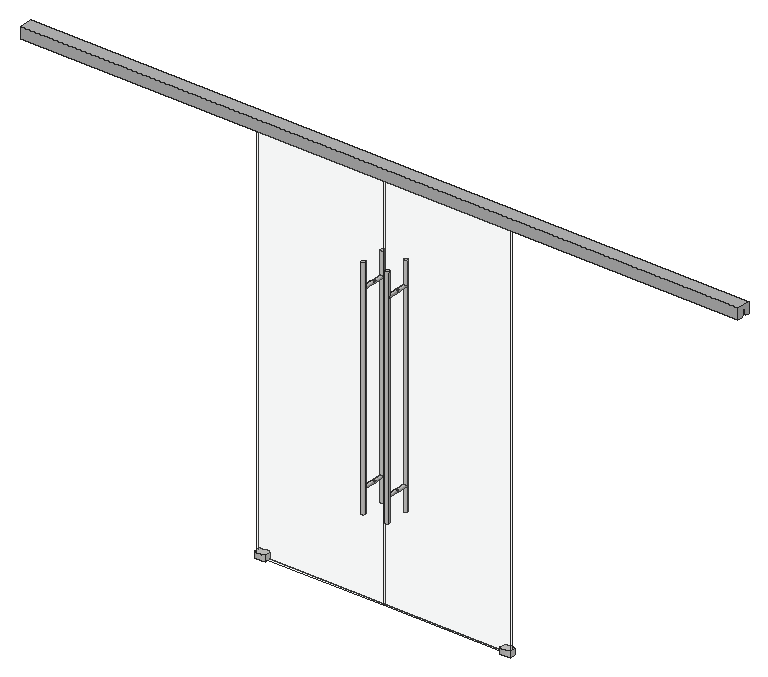
Revit family "Doors_Sliding_Avanti_Systems_Polaris-Auto-Magnetic-Slider_Pair-Soffit-Mount-Sgl-Glazed", category Doors, Revit 2015
Parameters (values of type "Load Family Type Catalog")
  Youtube clip = ""
  Weight Net (Kg) = "0"
  Warranty = "1 year"  # constant formula
  Uniformat II Description = "Interior Doors"
  Uniformat II Code = "C1020"
  Uniclass 2015 Name = "Sliding door and partition sets"
  Uniclass 2015 Code = "Pr_30_59_24_80"
  Uniclass 2.0 Description = "Sliding Door And Partition Sets"
  Uniclass 2.0 Code = "PR-59-23-77"
  Uniclass 1.4 Description = "Doors"
  Uniclass 1.4 Code = "JL20"
  URL = "https://www.avantisystemsusa.com/"
  UNSPSC Code = "30171501"
  Type Comments = ""
  Type = 1
  Thickness = if(Type = 1, 1/2", if(Type = 2, 3/8", if(Type = 3, 7/16", if(Type = 4, 9/16", 3/4"))))  # 1/2"
  Technical description = ""
  Stainless Steel Finish = "Yes"  # constant formula
  Sound Rating = 0
  Region South America = "All"
  Region Oceania = "All"
  Region North America = "All"
  Region Middle East = "All"
  Region Europe = "All"
  Region Asia = "All"
  Region Antarctica = "All"
  Region Africa = "All"
  Rail material [instance] = Polyester powder - Avanti - White aluminium METALLIC - RAL9006
  Rail Length [instance] = 3 * (Opening Width)  # 153"
  QR code = "http://bimobject.com/avantisystems/product/avanti-polaris-auto-magnetic-slider"
  Product url = "https://www.avantisystemsusa.com/glass-products/doors/sliding-doors/automatic-doors/"
  Product group = "Automatic Doors"
  Product family = "Sliding Doors"
  Product data url = "https://bimobject.com/avantisystems/product/avanti-polaris-auto-magnetic-slider"
  Product certification = ""
  Product SKU = "avanti-polaris-auto-magnetic-slider"
  Product Guid = "5e847812-9909-4e74-9d64-870bde1c5a5f"
  Power = 110 V  # constant formula
  Opening Width [instance] = 51"
  OmniClass Description = "Sliding All Glass Doors"
  OmniClass Code = "23-17 11 23 13"
  Nominal width = 0"
  Nominal height = 0"
  NBS Reference Description = "Sliding Door And Partition Sets"
  NBS Reference Code = "59-23-77"
  Model = "Polaris™  Auto Magnetic Slider"  # constant formula
  Material secondary = "Aluminium"
  Material main = "Glass"
  Masterformat 2014 Description = "Sliding Aluminum-Framed Glass Doors"
  Masterformat 2014 Code = "08 32 13"
  Manufacturer name = "Avanti Systems"
  Manufacturer country = ""
  Manufacturer = "Avanti Systems USA"  # constant formula
  Lock = "Thumb turn floor lock with a key"
  Ladder Pull Height [instance] = 18"
  LEED compatibility = "LEED 2009 (v3): MRc3, MRc4, MRc5, MRc7, EQc4.2, EQc8.1 and EQc8.2. LEED v4: MRc1, MRc3, MRc4, MRc8, EQc2, EQc7 and EQc8."  # constant formula
  Installation instructions = ""
  IFC Classification = "Door"
  Hardware material [instance] = Stainless Steel - Avanti- Brushed Finish
  Handle type [instance] = Handle : 48" Ladder Pull
  Half_width [instance] = (Opening Width / 2) + 1 1/2"  # 27"
  Glazing = "Safety Glazing SGCC"
  Glass Width [instance] = 54"
  Glass Material = Glass - Avanti -  Clear Tempered
  Glass Marker = yes
  Glass Height [instance] = 83.39495"
  Gap Thickness = if(Type = 1, (1 1/4"), if(Type = 2, (1 39/128"), if(Type = 3, (1 35/128"), if(Type = 4, (1 27/128"), (1 15/128")))))  # 1 1/4"
  Function = Interior
  Edition number = 1
  EAN code = ""
  Design country = "United States"
  Description = "The newset innovation in modern interior office entryway design."  # constant formula
  Date of publishing = ""
  Clear Anodic Finish = "ASTM B221 (ASTM B221M)"  # constant formula
  COBIe Type Category = ""
  Brand url = "http://www.avantisystemsusa.com/"
  BIMobject main category code = "doors"
  BIMobject main category = "Doors"
  BIMobject category code = "doors-sliding"
  BIMobject category = "Sliding"
  Analytic Construction = "<None>"
Reference planes (in)
  plane 1 "Center (Front/Back)": y = 0
  plane 2: z = 0
  plane 3 "Center (Left/Right)": x = 7.06181
  plane 4: x = -18.43819
  plane 5: x = 32.56181
  plane 6 "Top": z = 84
  plane 7 "Curtain_wall_center": y = 0
  plane 8 "Curtain_wall_exterior": y = 0.25
  plane 9 "Curtain_wall_interior": y = -0.25
  plane 10 "Doors_exterior": y = 2
  plane 11 "Doors_center": y = 1.75
  plane 12 "Doors_interior": y = 1.5
  plane 13 "Door_offset_left": x = -19.93819
  plane 14 "Door_offset_top": z = 83.54686
  plane 15 "Handle_placement_top": z = 18
  plane 16 "Handle_placement_level": x = 4.56181
  plane 17: x = -17.95536
  plane 18: z = 0.15191
  plane 19: x = 34.06181
  plane 20: x = 9.56181
  plane 21: x = 32.07898
  plane 22: x = 6.72127
  plane 23: x = 83.56181
  plane 24: x = -69.43819
  plane 25: z = 41.77343
  plane 26: x = 20.56181
  plane 27: x = -6.43819
  plane 28: z = 84.55078
  plane 29: y = 0.49855
Forms (in)
  Extrusion 1, solid, material "Stainless Steel - Avanti- Brushed Finish" <- "Hardware material"
    sketch origin (0, 0, 0) x (1, 0, 0) y (0, 1, 0)
      loop
        arc (-20.20122, 1.23406) -> (-19.07829, 1.03173) -> (-17.95536, 1.23406) r 3.2173
        line (-17.95536, 1.23406) -> (-17.95536, 2.42184)
        arc (-17.95536, 2.42184) -> (-19.07852, 2.67147) -> (-20.20122, 2.41977) r 2.64063
        line (-20.20122, 2.41977) -> (-20.20122, 1.23406)
    from 0 to 1.21575
  Extrusion 2, solid, material "Stainless Steel - Avanti- Brushed Finish" <- "Hardware material"
    sketch origin (6.49788, 0, 0) x (-1, 0, 0) y (0, -1, 0)
      loop
        line (-27.82696, -1.23406) -> (-27.82696, -2.43621)
        arc (-27.82696, -2.43621) -> (-26.70362, -2.68506) -> (-25.5811, -2.43258) r 2.64063
        line (-25.5811, -2.43258) -> (-25.5811, -1.23406)
        arc (-25.5811, -1.23406) -> (-26.70403, -1.03173) -> (-27.82696, -1.23406) r 3.2173
    from 0 to 1.21575
  Extrusion 3, solid, material "Glass - Avanti -  Clear Tempered" <- "Glass Material"
    sketch origin (0, 0, 0) x (1, 0, 0) y (0, 0, 1)
      loop
        line (34.06181, 83.54686) -> (7.06181, 83.54686) -> (7.06181, 0.15191) -> (34.06181, 0.15191) -> (34.06181, 83.54686)
    from -2 to -1.5
  Extrusion 4, solid, material "Glass - Avanti -  Clear Tempered" <- "Glass Material"
    sketch origin (0, 0, 0) x (1, 0, 0) y (0, 0, 1)
      loop
        line (7.06181, 83.54686) -> (-19.93819, 83.54686) -> (-19.93819, 0.15191) -> (7.06181, 0.15191) -> (7.06181, 83.54686)
    from -2 to -1.5
  Sweep 5, solid, material "Polyester powder - Avanti - White aluminium METALLIC - RAL9006" <- "Rail material"
    path origin (0, 0, 12.28232) x (1, 0, 0) y (0, 0, 1)
      loop
        line (83.56181, 71.26453) -> (-69.43819, 71.26453)
    profile origin (7.06181, 0, 83.54686) x (0, 0, -1) y (0, -1, 0)
      loop
        line (1.35828, -3.01227) -> (1.35828, -2.42172) -> (0.96064, -2.42172) -> (0.96064, -2) -> (0, -2) -> (0, -1.5) -> (1.00001, -1.5) -> (1.00001, -1.22486) -> (1.35828, -1.22486) -> (1.35828, -0.25636) -> (-1.00393, -0.25636) -> (-1.00393, -3.01227) -> (1.35828, -3.01227)
Lines and regions (in)
  symbolic lines, style "0"
    curve 1: line (-20.20122, 1.23406, 0) -> (-20.20122, 2.4925, 0)
    curve 2: line (-17.95536, 1.23406, 0) -> (-17.95536, 2.4925, 0)
    curve 3: circle (-19.93819, 1.75, 0) r 0.22256 normal (0, 0, 1)
    curve 4: circle (-19.93819, 1.75, 0) r 0.13151 normal (0, 0, 1)
    curve 5: circle (-18.21838, 1.75, 0) r 0.22256 normal (0, 0, 1)
    curve 6: circle (-18.21838, 1.75, 0) r 0.13151 normal (0, 0, 1)
    curve 7: arc (-18.61337, 1.37569, 0) -> (-18.48141, 1.75, 0) -> (-18.61337, 2.12431, 0) r 0.59687
    curve 8: arc (-19.5432, 2.12431, 0) -> (-19.67516, 1.75, 0) -> (-19.5432, 1.37569, 0) r 0.59687
    curve 9: arc (-17.95536, 2.4925, 0) -> (-19.07829, 2.6815, 0) -> (-20.20122, 2.4925, 0) r 3.43052
    curve 10: line (-17.95536, 2.12431, 0) -> (-20.20122, 2.12431, 0)
    curve 11: line (-17.95536, 1.37569, 0) -> (-20.20122, 1.37569, 0)
    curve 23: arc (-17.95536, 1.23406, 0) -> (-19.07829, 1.03173, 0) -> (-20.20122, 1.23406, 0) r 3.2173
    curve 37: line (-17.95536, 1.5, 0) -> (32.07898, 1.5, 0)
    curve 38: line (32.07898, 1.5, 0) -> (32.07898, 2, 0)
    curve 39: line (-17.95536, 2, 0) -> (32.07898, 2, 0)
    curve 40: line (7.06181, 2, 83.54686) -> (7.06181, 1.5, 83.54686)
    curve 41: line (7.06181, 2, 0.15191) -> (7.06181, 2, 83.54686)
    curve 42: line (7.06181, 1.5, 0.15191) -> (7.06181, 2, 0.15191)
    curve 43: line (7.06181, 1.5, 83.54686) -> (7.06181, 1.5, 0.15191)
    curve 44: line (34.32484, 1.23406, 0) -> (34.32484, 2.4925, 0)
    curve 45: line (32.07898, 1.23406, 0) -> (32.07898, 2.4925, 0)
    curve 46: circle (34.06181, 1.75, 0) r 0.22256 normal (0, 0, -1)
    curve 47: circle (34.06181, 1.75, 0) r 0.13151 normal (0, 0, -1)
    curve 48: circle (32.34201, 1.75, 0) r 0.22256 normal (0, 0, -1)
    curve 49: circle (32.34201, 1.75, 0) r 0.13151 normal (0, 0, -1)
    curve 50: arc (32.73699, 1.37569, 0) -> (32.60504, 1.75, 0) -> (32.73699, 2.12431, 0) r 0.59687
    curve 51: arc (33.66683, 2.12431, 0) -> (33.79878, 1.75, 0) -> (33.66683, 1.37569, 0) r 0.59687
    curve 52: arc (32.07898, 2.4925, 0) -> (33.20191, 2.6815, 0) -> (34.32484, 2.4925, 0) r 3.43052
    curve 53: line (32.07898, 2.12431, 0) -> (34.32484, 2.12431, 0)
    curve 54: line (32.07898, 1.37569, 0) -> (34.32484, 1.37569, 0)
    curve 55: arc (32.07898, 1.23406, 0) -> (33.20191, 1.03173, 0) -> (34.32484, 1.23406, 0) r 3.2173
    curve 62: line (7.06181, 2, 0) -> (7.06181, 1.5, 0)
  symbolic lines, style "0", not visible
    curve 12: line (-11.39483, 5.69093, 0) -> (-11.39483, 4.43248, 0)
    curve 13: line (-13.64069, 5.69093, 0) -> (-13.64069, 4.43248, 0)
    curve 14: circle (-11.65786, 5.17499, 0) r 0.22256 normal (0, 0, 1)
    curve 15: circle (-11.65786, 5.17499, 0) r 0.13151 normal (0, 0, 1)
    curve 16: circle (-13.37767, 5.17499, 0) r 0.22256 normal (0, 0, 1)
    curve 17: circle (-13.37767, 5.17499, 0) r 0.13151 normal (0, 0, 1)
    curve 18: arc (-12.98268, 5.5493, 0) -> (-13.11464, 5.17499, 0) -> (-12.98268, 4.80068, 0) r 0.59687
    curve 19: arc (-12.05285, 4.80068, 0) -> (-11.92089, 5.17499, 0) -> (-12.05285, 5.5493, 0) r 0.59687
    curve 20: arc (-13.64069, 4.43248, 0) -> (-12.51776, 4.24349, 0) -> (-11.39483, 4.43248, 0) r 3.43052
    curve 21: line (-13.64069, 4.80068, 0) -> (-11.39483, 4.80068, 0)
    curve 22: line (-13.64069, 5.5493, 0) -> (-11.39483, 5.5493, 0)
    curve 24: arc (-13.64069, 5.69093, 0) -> (-12.51776, 5.89326, 0) -> (-11.39483, 5.69093, 0) r 3.2173
    curve 63: line (-20.0697, 1.75, 0) -> (-19.80667, 1.75, 0)
    curve 64: line (-11.52635, 5.17499, 0) -> (-11.78938, 5.17499, 0)
    curve 65: line (34.19333, 1.75, 0) -> (33.9303, 1.75, 0)
    curve 86: line (4.56181, 2.25, 0) -> (4.56181, 3, 0)
    curve 87: line (20.74894, 2.875, 0) -> (20.74894, 3.625, 0)
    curve 88: line (9.56181, 2.25, 0) -> (9.56181, 3, 0)
    curve 89: line (4.56181, 0.5, 0) -> (4.56181, 1, 0)
    curve 90: line (20.74894, 1.125, 0) -> (20.74894, 1.625, 0)
    curve 91: line (9.56181, 0.5, 0) -> (9.56181, 1, 0)
  symbolic lines, style "0", detail levels medium+fine
    curve 25: circle (4.56181, 4.27391, 0) r 0.39445 normal (0, 0, 1)
    curve 26: line (4.25181, 4.03001, 0) -> (4.25181, 2, 0)
    curve 27: line (4.87482, 4.03387, 0) -> (4.87482, 2, 0)
    curve 28: circle (4.56181, -0.77391, 0) r 0.39445 normal (0, 0, -1)
    curve 29: line (4.25181, -0.53001, 0) -> (4.25181, 1.5, 0)
    curve 30: line (4.87482, -0.53387, 0) -> (4.87482, 1.5, 0)
    curve 56: circle (9.56181, 4.27391, 0) r 0.39445 normal (0, 0, -1)
    curve 57: line (9.87182, 4.03001, 0) -> (9.87182, 2, 0)
    curve 58: line (9.2488, 4.03387, 0) -> (9.2488, 2, 0)
    curve 59: circle (9.56181, -0.77391, 0) r 0.39445 normal (0, 0, 1)
    curve 60: line (9.87182, -0.53001, 0) -> (9.87182, 1.5, 0)
    curve 61: line (9.2488, -0.53387, 0) -> (9.2488, 1.5, 0)
  symbolic lines, style "0", not visible, detail levels medium+fine
    curve 31: circle (20.74894, 4.89891, 0) r 0.39445 normal (0, 0, 1)
    curve 32: line (20.43894, 4.65501, 0) -> (20.43894, 2.625, 0)
    curve 33: line (21.06195, 4.65887, 0) -> (21.06195, 2.625, 0)
    curve 34: circle (20.74894, -0.14891, 0) r 0.39445 normal (0, 0, -1)
    curve 35: line (20.43894, 0.09499, 0) -> (20.43894, 2.125, 0)
    curve 36: line (21.06195, 0.09113, 0) -> (21.06195, 2.125, 0)
  symbolic lines, visible <- "Glass Marker"
    curve 66: line (17.73339, -0.24998, 38.945) -> (23.39024, -0.24998, 44.60186)
    curve 67: line (20.56181, -0.24998, 39.92547) -> (22.40977, -0.24998, 41.77343)
    curve 68: line (18.71386, -0.24998, 41.77343) -> (20.56181, -0.24998, 43.62139)
    curve 76: line (-9.26661, -0.24998, 38.945) -> (-3.60976, -0.24998, 44.60186)
    curve 77: line (-6.43819, -0.24998, 39.92547) -> (-4.59023, -0.24998, 41.77343)
    curve 78: line (-8.28614, -0.24998, 41.77343) -> (-6.43819, -0.24998, 43.62139)
  symbolic lines, not visible
    curve 69: line (18.71386, 0.25002, 41.77343) -> (22.40977, 0.25002, 41.77343)
    curve 74: line (-1.84534, 0.25002, 22.66367) -> (1.85057, 0.25002, 22.66367)
    curve 79: line (-8.28614, 0.25002, 41.77343) -> (-4.59023, 0.25002, 41.77343)
    curve 84: line (-1.84534, 0.25002, 22.66367) -> (1.85057, 0.25002, 22.66367)
  model lines, not visible
    curve 70: line (20.56181, 0.25002, 39.92547) -> (20.56181, 0.25002, 43.62139)
    curve 75: line (0.00262, 0.25002, 20.81572) -> (0.00262, 0.25002, 24.51163)
    curve 80: line (-6.43819, 0.25002, 39.92547) -> (-6.43819, 0.25002, 43.62139)
    curve 85: line (0.00262, 0.25002, 20.81572) -> (0.00262, 0.25002, 24.51163)
  symbolic lines, visible <- "Glass Marker", not visible
    curve 71: line (-2.82581, -0.24998, 19.83525) -> (2.83104, -0.24998, 25.4921)
    curve 72: line (0.00262, -0.24998, 20.81572) -> (1.85057, -0.24998, 22.66367)
    curve 73: line (-1.84534, -0.24998, 22.66367) -> (0.00262, -0.24998, 24.51163)
    curve 81: line (-2.82581, -0.24998, 19.83525) -> (2.83104, -0.24998, 25.4921)
    curve 82: line (0.00262, -0.24998, 20.81572) -> (1.85057, -0.24998, 22.66367)
    curve 83: line (-1.84534, -0.24998, 22.66367) -> (0.00262, -0.24998, 24.51163)
Text (in)
  text "Exterior" at (-45.72835, 31.38743, 0), in view "Ref. Level"
Dimensions and locks (in)
  equal spacing: plane 4, plane 3 "Center (Left/Right)", plane 5
  equal spacing: plane 8 "Curtain_wall_exterior", plane 7 "Curtain_wall_center", plane 9 "Curtain_wall_interior"
  equal spacing: plane 10 "Doors_exterior", plane 11 "Doors_center", plane 12 "Doors_interior"
  "Gap Thickness": plane 12 "Doors_interior" to plane 8 "Curtain_wall_exterior"
  "Thickness": plane 10 "Doors_exterior" to plane 12 "Doors_interior"
  "Thickness": plane 8 "Curtain_wall_exterior" to plane 9 "Curtain_wall_interior"
  "Ladder Pull Height": plane 2 to plane 15 "Handle_placement_top"
  locked: plane 4 to plane 17 at 0.48283
  locked: plane 16 "Handle_placement_level" to plane 3 "Center (Left/Right)" at 2.5
  locked: plane 20 to plane 3 "Center (Left/Right)" at 2.5
  plane 16 "Handle_placement_level" to plane 3 "Center (Left/Right)" to plane 20 = 2 1/2", 2 1/2"
  locked: plane 5 to plane 19 at 1.5
  locked: plane 13 "Door_offset_left" to plane 4 at 1.5
  "Opening Width": plane 4 to plane 5
  locked: plane 21 to plane 5 at 0.48283
  equal spacing: plane 24, plane 3 "Center (Left/Right)", plane 23
  "Rail Length": plane 24 to plane 23
  equal spacing: plane 2, plane 25, plane 14 "Door_offset_top"
  equal spacing: plane 19, plane 26, plane 3 "Center (Left/Right)"
  equal spacing: plane 3 "Center (Left/Right)", plane 27, plane 13 "Door_offset_left"
  plane 10 "Doors_exterior" to plane 12 "Doors_interior" = 1/2"
  nested 4 to curve 69 = 6.72461"
  curve 69 to nested 5 = 6.72461"
  "Glass Width": plane 19 to plane 13 "Door_offset_left"
  locked: plane 2 to plane 18 at 0.15191
  "Glass Height": plane 18 to plane 14 "Door_offset_top"
  locked: plane 6 "Top" to plane 28 at 0.55078
  locked: plane 14 "Door_offset_top" to plane 28 at 1.00393
  locked: nested 3 to plane 10 "Doors_exterior" at 3.525
  aligned and locked: level to plane 2
  aligned and locked: curve 2 to plane 17
  aligned and locked: plane 10 "Doors_exterior" to curve 27
  aligned and locked: plane 10 "Doors_exterior" to curve 26
  aligned and locked: plane 12 "Doors_interior" to curve 30
  aligned and locked: plane 12 "Doors_interior" to curve 29
  aligned and locked: Extrusion 2 to plane 21
  aligned and locked: Extrusion 3 sketch curve to plane 19
  aligned and locked: Extrusion 3 sketch curve to plane 14 "Door_offset_top"
  aligned and locked: Extrusion 3 sketch curve to plane 3 "Center (Left/Right)"
  aligned and locked: Extrusion 4 sketch curve to plane 14 "Door_offset_top"
  aligned and locked: Extrusion 4 sketch curve to plane 13 "Door_offset_left"
  aligned and locked: curve 45 to plane 21
  aligned and locked: curve 38 to plane 21
  aligned and locked: plane 10 "Doors_exterior" to curve 58
  aligned and locked: plane 12 "Doors_interior" to curve 61
  aligned and locked: plane 23 to Sweep 5 sketch curve
  aligned and locked: plane 24 to Sweep 5 sketch curve
  aligned and locked: plane 16 "Handle_placement_level" to nested 2
  aligned and locked: plane 20 to nested 3
  aligned and locked: curve 63 to plane 11 "Doors_center"
  aligned and locked: plane 11 "Doors_center" to curve 65
  aligned and locked: plane 25 to curve 69
  aligned and locked: curve 70 to plane 26
  aligned and locked: plane 25 to curve 79
  aligned and locked: curve 80 to plane 27
  aligned and locked: plane 11 "Doors_center" to nested 1
  aligned and locked: plane 10 "Doors_exterior" to Extrusion 4
  aligned and locked: plane 10 "Doors_exterior" to Extrusion 3
  aligned and locked: Extrusion 4 to plane 12 "Doors_interior"
  aligned and locked: nested 4 to plane 26
  aligned and locked: nested 5 to plane 27
  aligned and locked: plane 18 to Extrusion 4
  aligned and locked: plane 28 to nested 1
  aligned and locked: Sweep 5 sketch curve to nested 1  (x2)
  aligned and locked: plane 10 "Doors_exterior" to Sweep 5 sketch curve
  aligned and locked: Sweep 5 sketch curve to plane 12 "Doors_interior"
  aligned and locked: Extrusion 3 to plane 12 "Doors_interior"
  aligned and locked: plane 14 "Door_offset_top" to Extrusion 3  (x2)
  aligned and locked: plane 14 "Door_offset_top" to Extrusion 4  (x6)
  aligned and locked: plane 20 to nested 6
  aligned and locked: nested 7 to plane 16 "Handle_placement_level"
  aligned and locked: plane 2 to nested 6
  aligned and locked: plane 2 to nested 7
  aligned and locked: nested 7 to plane 10 "Doors_exterior"
  aligned and locked: nested 6 to plane 10 "Doors_exterior"
  aligned and locked: curve 86 to plane 16 "Handle_placement_level"
  aligned and locked: plane 20 to curve 88
  aligned and locked: curve 89 to plane 16 "Handle_placement_level"
  aligned and locked: plane 20 to curve 91
  aligned and locked: plane 3 "Center (Left/Right)" to Extrusion 4
Automatic sketch dimensions
  Extrusion 1 sketch curve to plane 17 = 0"
  plane 4 to Extrusion 1 sketch curve = 0.6401"
  Extrusion 1 sketch curve to plane 1 "Center (Front/Back)" = 0.03084"
  plane 4 to Extrusion 1 sketch curve = 0.6379"
  plane 13 "Door_offset_left" to Extrusion 1 sketch curve = 0.26303"
  Extrusion 1 sketch curve to plane 12 "Doors_interior" = 0.26594"
  plane 10 "Doors_exterior" to Extrusion 1 sketch curve = 0.42184"
  plane 10 "Doors_exterior" to Extrusion 1 sketch curve = 2.24903"
  Extrusion 2 sketch curve to plane 21 = 0"
  plane 5 to Extrusion 2 sketch curve = 0.6401"
  plane 1 "Center (Front/Back)" to Extrusion 2 sketch curve = 0.04443"
  plane 5 to Extrusion 2 sketch curve = 0.64397"
  Extrusion 2 sketch curve to plane 19 = 0.26303"
  plane 12 "Doors_interior" to Extrusion 2 sketch curve = 0.26594"
  Extrusion 2 sketch curve to plane 10 "Doors_exterior" = 0.43258"
  Extrusion 2 sketch curve to plane 10 "Doors_exterior" = 2.24903"
  plane 3 "Center (Left/Right)" to Extrusion 4 sketch curve = 0"
  curve 41 to plane 10 "Doors_exterior" = 0"
  curve 37 to plane 12 "Doors_interior" = 0"
  curve 37 to plane 17 = 0"
  curve 39 to plane 10 "Doors_exterior" = 0"
  curve 39 to plane 17 = 0"
  plane 6 "Top" to Sweep 5 sketch curve = 29/64"
  curve 3 to curve 4 = 0"  (x4)
  curve 5 to curve 6 = 0"  (x4)
  curve 7 to curve 8 = 0"  (x4)
  curve 10 to curve 6 = 0.26303"
  curve 5 to curve 8 = 0.8599"
  curve 2 to curve 23 = 1.12293"
  curve 2 to curve 9 = 1.12293"
  curve 7 to curve 4 = 0.8599"
  curve 3 to curve 1 = 0.26303"
  curve 23 to curve 2 = 1.75652"
  curve 9 to curve 6 = 0.7425"
  curve 8 to curve 5 = 0"
  curve 1 to curve 4 = 0.7425"
  curve 5 to curve 2 = 0.51594"
  curve 23 to curve 9 = 1.98308"
  curve 5 to curve 7 = 0.39498"  (x2)
  curve 8 to curve 3 = 0.39498"
  curve 3 to curve 63 = 0.13151"
  curve 9 to curve 10 = 0.36819"
  curve 63 to curve 3 = 0"
  curve 14 to curve 15 = 0"  (x4)
  curve 16 to curve 17 = 0"  (x4)
  curve 18 to curve 19 = 0"  (x4)
  curve 21 to curve 17 = 0.26303"
  curve 16 to curve 19 = 0.8599"
  curve 13 to curve 24 = 1.12293"
  curve 13 to curve 20 = 1.12293"
  curve 18 to curve 15 = 0.8599"
  curve 14 to curve 12 = 0.26303"
  curve 24 to curve 13 = 1.75652"
  curve 20 to curve 17 = 0.7425"
  curve 19 to curve 16 = 0"
  curve 12 to curve 15 = 0.7425"
  curve 16 to curve 13 = 0.51594"
  curve 24 to curve 20 = 1.98308"
  curve 16 to curve 18 = 0.39498"  (x2)
  curve 19 to curve 14 = 0.39498"
  curve 14 to curve 64 = 0.13151"
  curve 20 to curve 21 = 0.36819"
  curve 64 to curve 14 = 0"
  curve 46 to curve 47 = 0"  (x4)
  curve 48 to curve 49 = 0"  (x4)
  curve 50 to curve 51 = 0"  (x4)
  curve 53 to curve 49 = 0.26303"
  curve 48 to curve 51 = 0.8599"
  curve 45 to curve 55 = 1.12293"
  curve 45 to curve 52 = 1.12293"
  curve 50 to curve 47 = 0.8599"
  curve 46 to curve 44 = 0.26303"
  curve 45 to curve 55 = 1.75652"
  curve 49 to curve 52 = 0.7425"
  curve 51 to curve 48 = 0"
  curve 47 to curve 44 = 0.7425"
  curve 45 to curve 48 = 0.51594"
  curve 52 to curve 55 = 1.98308"
  curve 48 to curve 50 = 0.39498"  (x2)
  curve 51 to curve 46 = 0.39498"
  curve 46 to curve 65 = 0.13151"
  curve 53 to curve 52 = 0.36819"
  curve 65 to curve 46 = 0"
  curve 62 to plane 3 "Center (Left/Right)" = 0"
  level to Extrusion 3 sketch curve = 0.15191"
  level to Extrusion 4 sketch curve = 0.15191"
  profile plane to Sweep 5 sketch curve = 1 1/256"
  Sweep 5 sketch curve to profile plane = 0"
  Sweep 5 sketch curve to profile plane = 0.96064"
  Sweep 5 sketch curve to Sweep 5 sketch curve = 0.03937"
  Sweep 5 sketch curve to Sweep 5 sketch curve = 0.35827"
  Sweep 5 sketch curve to Sweep 5 sketch curve = 0.39764"
  Sweep 5 sketch curve to Sweep 5 sketch curve = 0.42172"
  Sweep 5 sketch curve to Sweep 5 sketch curve = 0.27514"
  curve 43 to plane 14 "Door_offset_top" = 0"
  curve 86 to curve 25 = 0"
  curve 26 to curve 86 = 0.31001"
  curve 86 to curve 27 = 0.31301"
  curve 27 to curve 25 = 0.24003"
  curve 86 to curve 26 = 1.03001"
  curve 86 to curve 86 = 3/4"
  curve 26 to curve 86 = 1/4"
  curve 27 to curve 86 = 1/4"
  curve 87 to curve 31 = 0"
  curve 32 to curve 87 = 0.31001"
  curve 87 to curve 33 = 0.31301"
  curve 33 to curve 31 = 0.24003"
  curve 87 to curve 32 = 1.03001"
  curve 87 to curve 87 = 3/4"
  curve 32 to curve 87 = 1/4"
  curve 33 to curve 87 = 1/4"
  curve 88 to curve 56 = 0"
  curve 57 to curve 88 = 0.31001"
  curve 88 to curve 58 = 0.31301"
  curve 56 to curve 58 = 0.24003"
  curve 57 to curve 88 = 1.03001"
  curve 88 to curve 88 = 3/4"
  curve 88 to curve 57 = 1/4"
  curve 88 to curve 58 = 1/4"
  curve 89 to curve 28 = 0"
  curve 29 to curve 89 = 0.31001"
  curve 89 to curve 30 = 0.31301"
  curve 28 to curve 30 = 0.24003"
  curve 29 to curve 89 = 1.03001"
  curve 89 to curve 89 = 1/2"
  curve 89 to curve 30 = 1/2"
  curve 89 to curve 29 = 1/2"
  curve 90 to curve 34 = 0"
  curve 35 to curve 90 = 0.31001"
  curve 90 to curve 36 = 0.31301"
  curve 34 to curve 36 = 0.24003"
  curve 35 to curve 90 = 1.03001"
  curve 90 to curve 90 = 1/2"
  curve 90 to curve 36 = 1/2"
  curve 90 to curve 35 = 1/2"
  curve 91 to curve 59 = 0"
  curve 60 to curve 91 = 0.31001"
  curve 91 to curve 61 = 0.31301"
  curve 61 to curve 59 = 0.24003"
  curve 91 to curve 60 = 1.03001"
  curve 91 to curve 91 = 1/2"
  curve 61 to curve 91 = 1/2"
  curve 60 to curve 91 = 1/2"
  curve 40 to plane 12 "Doors_interior" = 0"
  curve 42 to plane 18 = 0"
  radius of curve 3 = 0.22256"
  radius of curve 5 = 0.22256"
  radius of curve 6 = 0.13151"
  radius of curve 14 = 0.22256"
  radius of curve 16 = 0.22256"
  radius of curve 17 = 0.13151"
  radius of curve 46 = 0.22256"
  radius of curve 48 = 0.22256"
  radius of curve 49 = 0.13151"
Nested families (in)
  nested 1: "Rail-Detail" at (7.06181, 1.67614, 83.36968) x (0, 1, 0) z (1, 0, 0), type "Rail-Detail"
    with Thickness 1/2", Half Thickness 1/4"
  nested 2: "Arrow" at (0.6248, 5.4915, 0), type "arrow"
  nested 3: "Arrow" at (13.49882, 5.525, 0) x (-1, 0, 0) z (0, 0, 1), type "arrow"
  nested 4: "Arrow" at (20.56181, 0, 48.49804) x (-1, 0, 0) z (0, -1, 0), type "arrow"
  nested 5: "Arrow" at (-6.43819, 0, 48.49804) x (1, 0, 0) z (0, -1, 0), type "arrow"
  nested 6: "Handle" at (7.93681, 0.125, 38) x (1, 0, 0) z (0, -1, 0), type <- "Handle type", type "48" Ladder Pull", detail levels medium+fine
    with Locker yes
  nested 7: "Handle" at (2.93681, 0.125, 38) x (1, 0, 0) z (0, -1, 0), type <- "Handle type", type "48" Ladder Pull", detail levels medium+fine
    with Locker yes
Definition of nested family "Handle"
  Parameters (values of type "48" Ladder Pull")
    Width = 54.28299"
    Type = 3
    Ladder Pool Height = 18"
    Ladder 60" = if(Type = 5, 1 = 1, 1 = 0)  # no
    Ladder = if(Type = 3, 1 = 1, 1 = 0)  # yes
    Thickness = 1/2"
    Panic hardware = if(Type = 4, 1 = 1, 1 = 0)  # no
    Material = none
    Locker [instance] = yes
    Height = 90 9/16"
    Glass door = if(Type = 2, 1 = 1, 1 = 0)  # no
    Framed door = if(Type = 1, 1 = 1, 1 = 0)  # no
    Default Elevation = 48"
  Types (2): name | Type | Ladder 60" | Ladder
    60" Ladder Pull | 5 | yes | no
    48" Ladder Pull | 3 | no | yes
  Reference planes (in)
    plane 1 "Center (Front/Back)": y = 0
    plane 2: z = 0
    plane 3 "Center (Left/Right)": x = 0
    plane 4 "door_up": z = -1.375
    plane 5 "door_down": z = -1.875
    plane 6: z = -3.25
    plane 7: x = -1.25
    plane 8: x = -43.31449
    plane 9: x = -46.03299
    plane 10: x = -43.31449
    plane 11: y = 51.9375
    plane 12: y = 0.625
    plane 13: y = 11.125
    plane 14: y = 52.5625
    plane 15: y = -38
    plane 16: x = -50.15799
    plane 17 "door": x = 4.125
    plane 18: x = 1.625
    plane 19: y = -20
  Forms (in)
    Sweep 1, solid, material <- "Material", visible <- "Panic hardware"
      path origin (0, 0, 0) x (1, 0, 0) y (0, 1, 0)
        loop
          line (-1.25, 51.9375) -> (-1.25, 4.25)
          arc (-1.25, 4.25) -> (-2.12868, 2.12868) -> (-4.25, 1.25) r 3
          line (-4.25, 1.25) -> (-43.31449, 1.25)
      profile origin (-1.25, 28.09375, 0) x (1, 0, 0) y (0, 0, 1)
        loop
          circle (0.625, 0.625) r 0.625
    Sweep 2, solid, material <- "Material", visible <- "Panic hardware"
      path origin (0, 0, 0) x (1, 0, 0) y (0, 0, 1)
        loop
          line (-43.31449, 0) -> (-44.06449, 0)
          arc (-44.06449, 0) -> (-44.57255, -0.21044) -> (-44.78299, -0.7185) r 0.7185
          line (-44.78299, -0.7185) -> (-44.78299, -1.375)
      profile origin (-43.68949, 0, 0) x (0, 0, -1) y (0, -1, 0)
        loop
          circle (-0.625, -0.625) r 0.625
    Sweep 3, solid, material <- "Material", visible <- "Panic hardware"
      path origin (0, 0, -6.75) x (1, 0, 0) y (0, 0, -1)
        loop
          line (-43.31449, -3.5) -> (-44.06449, -3.5)
          arc (-44.06449, -3.5) -> (-44.57255, -3.71044) -> (-44.78299, -4.2185) r 0.7185
          line (-44.78299, -4.2185) -> (-44.78299, -4.875)
      profile origin (-43.68949, 0, -3.25) x (0, 0, -1) y (0, -1, 0)
        loop
          circle (0.625, -0.625) r 0.625
    Sweep 4, solid, material <- "Material", visible <- "Panic hardware"
      path origin (-30, 0, -6.75) x (-1, 0, 0) y (0, 0, -1)
        loop
          line (13.31449, -3.5) -> (-28.0315, -3.5)
          arc (-28.0315, -3.5) -> (-28.53956, -3.71044) -> (-28.75, -4.2185) r 0.7185
          line (-28.75, -4.2185) -> (-28.75, -4.875)
      profile origin (-22.6415, 0, -3.25) x (0, 0, 1) y (0, -1, 0)
        loop
          circle (-0.625, -0.625) r 0.625
  Cuts and joins
    joined: Sweep 1, Sweep 2
    joined: Sweep 3, Sweep 4
  Dimensions and locks (in)
    "Thickness": plane 5 "door_down" to plane 4 "door_up"
    locked: plane 3 "Center (Left/Right)" to plane 7 at 1.25
    locked: plane 9 to plane 8 at 2.7185
    locked: plane 9 to Sweep 3 sketch curve at 1.25
    locked: Sweep 2 sketch curve to plane 9 at 1.25
    locked: plane 10 to plane 9 at 2.7185
    locked: Sweep 1 sketch curve to plane 1 "Center (Front/Back)" at 1.25
    locked: plane 3 "Center (Left/Right)" to nested 1 at 0.125
    locked: plane 4 "door_up" to plane 2 at 1.375
    locked: plane 6 to plane 5 "door_down" at 1.375
    locked: plane 12 to plane 1 "Center (Front/Back)" at 0.625
    locked: plane 13 to plane 12 at 10.5
    locked: plane 14 to plane 11 at 0.625
    "Height": plane 14 to plane 15
    locked: plane 1 "Center (Front/Back)" to plane 15 at 38
    locked: plane 3 "Center (Left/Right)" to plane 17 "door" at 4.125
    "Width": plane 16 to plane 17 "door"
    locked: plane 16 to plane 10 at 6.8435
    locked: plane 18 to plane 17 "door" at 2.5
    "Ladder Pool Height": plane 19 to plane 15
    aligned and locked: level to plane 2
    aligned and locked: plane 4 "door_up" to cut or joined group of Sweep 1, Sweep 2
    aligned and locked: Sweep 2 sketch curve to plane 4 "door_up"
    aligned and locked: Sweep 3 sketch curve to plane 5 "door_down"
    aligned and locked: plane 6 to Sweep 3 sketch curve
    aligned and locked: plane 7 to Sweep 4 sketch curve
    aligned and locked: Sweep 4 sketch curve to plane 6
    aligned and locked: plane 8 to Sweep 4 sketch curve
    aligned and locked: plane 8 to Sweep 3 sketch curve
    aligned and locked: plane 10 to Sweep 2 sketch curve
    aligned and locked: plane 10 to Sweep 1 sketch curve
    aligned and locked: plane 11 to Sweep 1 sketch curve
    aligned and locked: plane 5 "door_down" to Sweep 4 sketch curve
    aligned and locked: nested 1 to plane 4 "door_up"
    aligned and locked: plane 13 to nested 1
    aligned and locked: nested 2 to plane 4 "door_up"
    aligned and locked: plane 3 "Center (Left/Right)" to nested 2
    aligned and locked: nested 2 to plane 11
    aligned and locked: nested 2 to plane 14
    aligned and locked: plane 18 to nested 3
    aligned and locked: plane 1 "Center (Front/Back)" to nested 3
    aligned and locked: nested 4 to plane 18
    aligned and locked: nested 4 to plane 1 "Center (Front/Back)"
    aligned and locked: nested 5 to plane 4 "door_up"
    aligned and locked: nested 5 to plane 17 "door"
    aligned and locked: nested 5 to plane 1 "Center (Front/Back)"
    aligned and locked: nested 6 to plane 4 "door_up"
    aligned and locked: plane 5 "door_down" to nested 7
    aligned and locked: nested 7 to plane 19
    aligned and locked: plane 19 to nested 6
    aligned and locked: nested 6 to plane 18
    aligned and locked: nested 7 to plane 18
    aligned and locked: plane 4 "door_up" to nested 8
    aligned and locked: plane 15 to nested 8
    aligned and locked: plane 5 "door_down" to nested 9
    aligned and locked: nested 9 to plane 15
    aligned and locked: plane 18 to nested 8
    aligned and locked: plane 18 to nested 9
  Nested families (in)
    nested 1: "Family2" at (-1.125, 11.125, 0.22234), visible <- "Panic hardware", type "Family2"
      with Lock yes
    nested 2: "Family3" at (-0.26102, 51.9375, -1.63602), visible <- "Panic hardware", type "Family3"
      with Thickness 1/2"
    nested 3: "Handle Timber" at (1.625, 0, -1.875), Locker <- "Locker", visible <- "Framed door", type "Handle Timber"
      with Locker yes
    nested 4: "Handle Timber" at (1.625, 0, -1.375) x (1, 0, 0) z (0, 0, -1), Locker <- "Locker", visible <- "Framed door", type "Handle Timber"
      with Locker yes
    nested 5: "Hinged Framed Swing locker" at (3.22214, -1.5625, -5.625), Handle and assembly material <- "Material", visible <- "Glass door", type "Hinged Framed Swing locker"
      with Handle and assembly material none
    nested 6: "Handle_For-Glass_Rounded_600mm" at (1.625, 13.36577, -1.375) x (-1, 0, 0) z (0, 0, -1), Handle Material <- "Material", visible <- "Ladder", type "Handle_For-Glass_Rounded_600mm"
      with Handle Material none, Handle Height 48"
    nested 7: "Handle_For-Glass_Rounded_600mm" at (1.625, -5.36577, -1.875) x (-1, 0, 0) z (0, 0, 1), Handle Material <- "Material", visible <- "Ladder", type "Handle_For-Glass_Rounded_600mm"
      with Handle Material none, Handle Height 48"
    nested 8: "Handle_For-Glass_Rounded_60in" at (1.625, 2.47039, -1.375), visible <- "Ladder 60"", Handle Material <- "Material", type "60""
      with No locker yes, Locker no, Handle Material none, Handle Height 60"
    nested 9: "Handle_For-Glass_Rounded_60in2" at (1.625, 2.47039, -1.875), visible <- "Ladder 60"", Handle Material <- "Material", type "60""
      with No locker no, Locker yes, Handle Material none, Handle Height 60"
  Definition of nested family "Family2"
    Parameters (values of type "Family2")
      Thickness = 1/2"
      Material = none
      Lock = no
    Reference planes (in)
      plane 1 "Center (Front/Back)": y = 0
      plane 2: z = 0
      plane 3 "Center (Left/Right)": x = 0
      plane 4: z = -2.09734
      plane 5: z = -1.59734
    Forms (in)
      Extrusion 1, solid, material <- "Material"
        sketch origin (0, 0, 0) x (0, 1, 0) y (0, 0, 1)
          loop
            line (5.04078, -0.345) -> (5.04078, 0) -> (-2.39922, 0) -> (-2.39922, -0.345) -> (5.04078, -0.345)
        from 0 to 1
      Extrusion 2, solid, material <- "Material"
        sketch origin (0, 0, 0) x (0, 1, 0) y (0, 0, 1)
          loop
            line (-0.3074, -0.345) -> (-1.4374, -0.345) -> (-1.4374, -1.31734) -> (-0.3074, -1.31734) -> (-0.3074, -0.345)
        from 0.32565 to 0.66353
      Extrusion 3, solid, material <- "Material"
        sketch origin (0, 0, 0) x (0, 1, 0) y (0, 0, 1)
          loop
            line (-1.4374, -1.31734) -> (-1.4374, -1.59734) -> (1.43807, -1.59734) -> (1.43807, -1.31734) -> (-1.4374, -1.31734)
          loop
            line (1.45803, -2.09734) -> (-1.41697, -2.09734) -> (-1.41697, -3.82961)
            arc (-1.41697, -3.82961) -> (-1.36191, -3.96254) -> (-1.22897, -4.01761) r 0.188
            line (-1.22897, -4.01761) -> (1.27003, -4.01761)
            arc (1.27003, -4.01761) -> (1.40297, -3.96254) -> (1.45803, -3.82961) r 0.188
            line (1.45803, -3.82961) -> (1.45803, -2.09734)
        from 0 to 1
      Extrusion 4, solid, material <- "Material"
        sketch origin (0, 0, 0) x (0, 1, 0) y (0, 0, 1)
          loop
            arc (-3.2641, -0.65221) -> (-3.242, -0.64306) -> (-3.23285, -0.62096) r 0.03125
            line (-3.23285, -0.62096) -> (-3.23285, 0) -> (-3.4516, 0) -> (-3.4516, -0.62096)
            arc (-3.4516, -0.62096) -> (-3.44244, -0.64306) -> (-3.42035, -0.65221) r 0.03125
            line (-3.42035, -0.65221) -> (-3.2641, -0.65221)
        from 0.32565 to 0.66353
      Extrusion 5, solid, material <- "Material", visible <- "Lock"
        sketch origin (1, 0, 0) x (0, 1, 0) y (0, 0, 1)
          loop
            circle (0.20853, -3.12734) r 0.58
          loop
            circle (0.20853, -3.12734) r 0.5625
          loop
            circle (-0.07272, -3.12734) r 0.22671
        from 0 to 0.25
      Extrusion 6, solid, material <- "Material", visible <- "Lock"
        sketch origin (1, 0, 0) x (0, 1, 0) y (0, 0, 1)
          loop
            circle (0.20853, -3.12734) r 0.5625
        from 0 to 0.20472
      Extrusion 7, solid, material <- "Material", visible <- "Lock", not visible
        sketch origin (1, 0, 0) x (0, 1, 0) y (0, 0, 1)
          loop
            circle (0.20853, -3.12734) r 0.58
          loop
            circle (0.20853, -3.12734) r 0.5625
          loop
            circle (-0.07272, -3.12734) r 0.22671
        from 0 to 0.25
      Extrusion 8, solid, material <- "Material", visible <- "Lock", not visible
        sketch origin (1, 0, 0) x (0, 1, 0) y (0, 0, 1)
          loop
            circle (0.20853, -3.12734) r 0.5625
        from 0 to 0.20472
    Lines and regions (in)
      model lines, not visible
        curve 1: line (0, -0.35397, -3.12734) -> (0, 0.39603, -3.12734)
        curve 2: line (0, -0.35397, -3.12734) -> (0, 0.39603, -3.12734)
    Dimensions and locks (in)
      "Thickness": plane 4 to plane 5
      locked: plane 5 to plane 2 at 1.59734
      aligned and locked: level to plane 2
      aligned and locked: plane 5 to Extrusion 3 sketch curve
      aligned and locked: Extrusion 3 sketch curve to Extrusion 2
      aligned and locked: Extrusion 3 sketch curve to plane 4
  Definition of nested family "Family3"
    Parameters (values of type "Family3")
      Thickness = 0.50125"
      Material = none
    Reference planes (in)
      plane 1 "Center (Front/Back)": y = 0
      plane 2: z = 0
      plane 3 "Center (Left/Right)": x = 0
      plane 4: z = 0.26102
      plane 5: z = -0.24023
    Forms (in)
      Extrusion 1, solid, material <- "Material"
        sketch origin (-0.98898, 0.625, 0.26102) x (0, 0, -1) y (0, 1, 0)
          loop
            line (-0.28125, 0.125) -> (-0.28125, -2.375) -> (0, -2.375) -> (0, 0) -> (0.50125, 0) -> (0.50125, -2.37518) -> (0.78125, -2.37518) -> (0.78125, 0.125) -> (-0.28125, 0.125)
        from 0 to 1.25
      Revolve 2, solid, material <- "Material"
        sketch origin (-0.36398, 0.615, 0.26102) x (0, 0, -1) y (0, 1, 0)
          loop
            line (-0.28125, -0.615) -> (-1.5092, -0.615) -> (-1.5092, -0.995) -> (-0.28125, -0.995) -> (-0.28125, -0.615)
          axis (-1.5092, -0.995) -> (-0.28125, -0.995)
        angle from 0 to 360
    Dimensions and locks (in)
      "Thickness": plane 4 to plane 5
      locked: Extrusion 1 to plane 4 at 0.28125
      locked: plane 5 to Extrusion 1 at 0.28
      aligned and locked: level to plane 2
      aligned and locked: Extrusion 1 to plane 4
      aligned and locked: plane 5 to Extrusion 1
  Definition of nested family "Handle Timber"
    Parameters (values of type "Handle Timber")
      Locker [instance] = yes
      Handle material = none
      Default Elevation = 48"
    Reference planes (in)
      plane 1 "Center (Front/Back)": y = 0
      plane 2: z = 0
      plane 3 "Center (Left/Right)": x = 0
    Forms (in)
      Extrusion 1, solid, material <- "Handle material"
        sketch origin (0, 0.00944, 0.00975) x (-1, 0, 0) y (0, -1, 0.00026)
          loop
            line (0.82036, -6.01526) -> (0.82036, -4.11121)
            arc (0.82036, -4.11121) -> (0, -3.29085) -> (-0.82036, -4.11121) r 0.82036
            line (-0.82036, -4.11121) -> (-0.82036, -6.01526)
            arc (-0.82036, -6.01526) -> (0, -6.83563) -> (0.82036, -6.01526) r 0.82036
          loop
            line (0.82036, -0.95129) -> (0.82036, 0.95276)
            arc (0.82036, 0.95276) -> (0, 1.77313) -> (-0.82036, 0.95276) r 0.82036
            line (-0.82036, 0.95276) -> (-0.82036, -0.95129)
            arc (-0.82036, -0.95129) -> (0, -1.77165) -> (0.82036, -0.95129) r 0.82036
        from -0.36 to -0.00798
      Sweep 2, solid, material <- "Handle material"
        path origin (0, 0.00944, 0.00975) x (-1, 0, 0) y (0, 0.00026, 1)
          loop
            line (0.00372, -0.36) -> (0.00372, -2.13165)
            arc (0.00372, -2.13165) -> (0.19244, -2.58727) -> (0.64805, -2.77599) r 0.64433
            line (0.64805, -2.77599) -> (4.19136, -2.77599)
            arc (4.19136, -2.77599) -> (4.78191, -2.53137) -> (5.02652, -1.94082) r 0.83517
            line (5.02652, -1.94082) -> (5.02652, -0.63757)
        profile origin (-0.00372, 0.00911, -1.23607) x (-1, 0, 0) y (0, 1, -0.00026)
          loop
            circle (0, 0) r 0.3937
      Extrusion 3, solid, material <- "Handle material", visible <- "Locker"
        sketch origin (0, 0.00944, 0.00975) x (-1, 0, 0) y (0, -1, 0.00026)
          loop
            line (0.82009, 4.11958) -> (0.82408, 6.02363)
            arc (0.82408, 6.02363) -> (0.00543, 6.84571) -> (-0.81665, 6.02706) r 0.82036
            line (-0.81665, 6.02706) -> (-0.82063, 4.12301)
            arc (-0.82063, 4.12301) -> (-0.00199, 3.30093) -> (0.82009, 4.11958) r 0.82036
        from -0.36 to -0.01061
    Lines and regions (in)
      reference lines
        curve 1: line (0, 6.84506, 0) -> (0, -6.83627, 0)
        curve 2: line (-5.42022, 0.00893, 0) -> (0.82036, 0.00893, 0)
    Dimensions and locks (in)
      aligned and locked: level to plane 2
  Definition of nested family "Hinged Framed Swing locker"
    Parameters (values of type "Hinged Framed Swing locker")
      Thickness = 1/2"
      Lock = yes
      Handle and assembly material [instance] = none
    Reference planes (in)
      plane 1 "Center (Front/Back)": y = 0
      plane 2: z = 0
      plane 3 "Center (Left/Right)": x = 0
      plane 4: y = 0.59375
      plane 5: y = -0.59375
      plane 6: x = -1
      plane 7: x = 1
      plane 8: y = 0.25
      plane 9: y = -0.25
      plane 10: x = 1.5
      plane 11: z = 8
      plane 12: z = 4.6875
      plane 13: z = 3.6875
      plane 14: z = 3.125
      plane 15: x = 1.38539
      plane 16: z = 2.79297
      plane 17: y = 0.25
      plane 18: y = -0.25
      plane 19: x = 0.90286
      plane 20: z = 6.0625
      plane 21: y = -0.84375
      plane 22: y = -0.80275
      plane 23 "handle_center": z = 2.4375
      plane 24: x = -4.375
      plane 25: y = -1.23355
      plane 26: z = 2.69544
      plane 27: z = 2.17956
      plane 28: y = -2.05222
      plane 29: y = -2.71875
      plane 30: z = 2.69544
      plane 31: z = 2.17956
      plane 32: z = 4.25
      plane 33: z = 3.75
      plane 34: z = 4
    Forms (in)
      Extrusion 1, solid, material <- "Handle and assembly material"
        sketch origin (0, -4, 4) x (1, 0, 0) y (0, 0, -1)
          loop
            line (-1, 0.59375) -> (-1, 0.25) -> (0.90286, 0.25) -> (0.90286, -0.25) -> (-1, -0.25) -> (-1, -0.59375) -> (1, -0.59375) -> (1, 0.59375) -> (-1, 0.59375)
        from 0 to 8
      Extrusion 2, solid, material <- "Handle and assembly material", detail levels fine
        sketch origin (0, -4, 4) x (1, 0, 0) y (0, 0, -1)
          loop
            line (1, 0.25) -> (1, -0.25)
            arc (1, -0.25) -> (1.27121, -0.02121) -> (1.5, 0.25) r 2.09856
            line (1.5, 0.25) -> (1, 0.25)
        from 3.6875 to 4.6875
      Extrusion 3, solid, material <- "Handle and assembly material", detail levels fine
        sketch origin (0, -4, 4) x (1, 0, 0) y (0, 0, -1)
          loop
            line (1, 0.25) -> (1, -0.25)
            arc (1, -0.25) -> (1.0598, -0.20427) -> (1.0921, -0.13627) r 0.16012
            arc (1.0921, -0.13627) -> (1.11202, -0.10046) -> (1.14874, -0.08227) r 0.06897
            line (1.14874, -0.08227) -> (1.30312, -0.08227)
            arc (1.30312, -0.08227) -> (1.36129, -0.05818) -> (1.38539, 0) r 0.08227
            arc (1.38539, 0) -> (1.36129, 0.05818) -> (1.30312, 0.08227) r 0.08227
            line (1.30312, 0.08227) -> (1.14874, 0.08227)
            arc (1.14874, 0.08227) -> (1.11202, 0.10046) -> (1.0921, 0.13627) r 0.06897
            arc (1.0921, 0.13627) -> (1.0598, 0.20427) -> (1, 0.25) r 0.16012
        from 2.79297 to 3.125
      Extrusion 4, solid, material <- "Handle and assembly material", visible <- "Lock", detail levels medium+fine
        sketch origin (1, -4, 4.59375) x (-1, 0, 0) y (0, -1, 0)
          loop
            circle (1, -6.0625) r 0.63654
          loop
            circle (1, -6.0625) r 0.60041
        from 0 to 0.25
      Extrusion 5, solid, material <- "Handle and assembly material", visible <- "Lock", detail levels medium+fine
        sketch origin (1, -4, 4.59375) x (-1, 0, 0) y (0, -1, 0)
          loop
            circle (1, -6.0625) r 0.60041
        from 0 to 0.209
      Blend 6, solid, material <- "Handle and assembly material", visible <- "Lock", detail levels fine
        base sketch origin (1, -4, 4.80275) x (-1, 0, 0) y (0, -1, 0)
          loop
            circle (1, -5.84645) r 0.21605
        top sketch origin (1, -4, 4.80275) x (-1, 0, 0) y (0, -1, 0)
          loop
            circle (1, -5.84645) r 0.19257
        from 0 to 0.041
      Extrusion 7, solid, material <- "Handle and assembly material"
        sketch origin (1, -4, 4.59375) x (-1, 0, 0) y (0, -1, 0)
          loop
            circle (1, -2.4375) r 0.35547
        from 0 to 1.45847
      Extrusion 8, void
        sketch origin (0.04357, -4.04543, 4) x (0, 0, -1) y (-0.017452, 0.999848, 0)
          loop
            line (-1.23355, 2.79297) -> (-1.23355, 2.90667) -> (-2.86779, 2.90667) -> (-2.86779, 2.69544) -> (-1.36779, 2.69544)
            arc (-1.36779, 2.69544) -> (-1.28242, 2.71908) -> (-1.23355, 2.79297) r 0.12635
        from -3.60215 to 0.49573
      Extrusion 9, solid, material <- "Handle and assembly material"
        sketch origin (1, -4, 4.59375) x (-1, 0, 0) y (0, -1, 0)
          loop
            arc (0.71851, -2.22043) -> (0.66353, -2.32283) -> (0.64453, -2.4375) r 0.35547
            arc (0.64453, -2.4375) -> (0.66353, -2.55217) -> (0.71851, -2.65457) r 0.35547
            line (0.71851, -2.65457) -> (5.3098, -2.57443) -> (5.375, -2.50923) -> (5.375, -2.36577) -> (5.3098, -2.30057) -> (0.71851, -2.22043)
        from 1.45847 to 2.125
      Extrusion 10, void
        sketch origin (0.04357, 0.92043, 4) x (0, 0, -1) y (0.017452, 0.999848, 0)
          loop
            arc (-1.23355, -2.79297) -> (-1.28242, -2.71908) -> (-1.36779, -2.69544) r 0.12635
            line (-1.36779, -2.69544) -> (-2.86779, -2.69544) -> (-2.86779, -2.90667) -> (-1.23355, -2.90667) -> (-1.23355, -2.79297)
        from -3.60215 to 0.49573
      Extrusion 11, solid, material <- "Handle and assembly material"
        sketch origin (1, -4, 3.40625) x (0, 1, 0) y (1, 0, 0)
          loop
            circle (2.4375, -1) r 0.35547
        from 0 to 1.45847
      Extrusion 12, void
        sketch origin (0.04357, -4.04543, 4) x (0, 0, 1) y (0.017452, -0.999848, 0)
          loop
            arc (-1.23355, -2.79297) -> (-1.28242, -2.71908) -> (-1.36779, -2.69544) r 0.12635
            line (-1.36779, -2.69544) -> (-2.86779, -2.69544) -> (-2.86779, -2.90667) -> (-1.23355, -2.90667) -> (-1.23355, -2.79297)
        from -3.60215 to 0.49573
      Extrusion 13, solid, material <- "Handle and assembly material"
        sketch origin (1, -4, 3.40625) x (0, 1, 0) y (1, 0, 0)
          loop
            line (2.22043, -0.71851) -> (2.30057, -5.3098) -> (2.36577, -5.375) -> (2.50923, -5.375) -> (2.57443, -5.3098) -> (2.65457, -0.71851)
            arc (2.65457, -0.71851) -> (2.55217, -0.66353) -> (2.4375, -0.64453) r 0.35547
            arc (2.4375, -0.64453) -> (2.32283, -0.66353) -> (2.22043, -0.71851) r 0.35547
        from 1.45847 to 2.125
      Extrusion 14, void
        sketch origin (0.04357, 0.92043, 4) x (0, 0, 1) y (-0.017452, -0.999848, 0)
          loop
            line (-1.23355, 2.79297) -> (-1.23355, 2.90667) -> (-2.86779, 2.90667) -> (-2.86779, 2.69544) -> (-1.36779, 2.69544)
            arc (-1.36779, 2.69544) -> (-1.28242, 2.71908) -> (-1.23355, 2.79297) r 0.12635
        from -3.60215 to 0.49573
    Cuts and joins
      Extrusion 8, Extrusion 10, Extrusion 12, Extrusion 14 cuts Extrusion 7
      Extrusion 10, Extrusion 12, Extrusion 14 cuts Extrusion 9
      joined: Extrusion 7, Extrusion 9
      Extrusion 12, Extrusion 14 cuts Extrusion 11
      Extrusion 12 cuts Extrusion 13
      joined: Extrusion 11, Extrusion 13
    Lines and regions (in)
      reference lines
        curve 1: line (0.35547, -1.5625, 0) -> (-4.39453, -1.5625, 0)
    Dimensions and locks (in)
      plane 4 to plane 5 = 1 3/16"
      plane 6 to plane 7 = 2"
      plane 11 to plane 2 = 8"
      plane 11 to plane 12 to plane 13 to plane 14 to plane 16 = 3 5/16" locked, 1" locked, 9/16" locked, 85/256" locked
      equal spacing: plane 17, plane 1 "Center (Front/Back)", plane 18
      "Thickness": plane 17 to plane 18
      locked: plane 19 to plane 7 at 0.09714
      locked: plane 15 to plane 10 at 0.11461
      equal spacing: plane 6, plane 3 "Center (Left/Right)", plane 7
      locked: plane 11 to plane 20 at 1.9375
      locked: plane 5 to plane 21 at 0.25
      locked: plane 22 to plane 21 at 0.041
      locked: plane 11 to plane 23 "handle_center" at 5.5625
      locked: plane 24 to plane 7 at 5.375
      locked: plane 5 to plane 29 at 2.125
      "Thickness": plane 32 to plane 33
      locked: Extrusion 1 to plane 32 at 0.34375
      locked: plane 33 to Extrusion 1 at 0.34375
      aligned and locked: level to plane 2
      aligned and locked: Extrusion 1 sketch curve to plane 6  (x2)
      aligned and locked: plane 7 to Extrusion 1 sketch curve
      aligned and locked: plane 7 to Extrusion 3 sketch curve  (x2)
      aligned and locked: plane 15 to Extrusion 3 sketch curve
      aligned and locked: plane 7 to Extrusion 2 sketch curve  (x2)
      aligned and locked: plane 10 to Extrusion 2 sketch curve
      aligned and locked: plane 19 to Extrusion 1 sketch curve
      aligned and locked: Extrusion 1 to plane 32
      aligned and locked: plane 33 to Extrusion 1
    Automatic sketch dimensions
      Extrusion 1 sketch curve to plane 12 = 3/32"
      Extrusion 1 sketch curve to Extrusion 1 sketch curve = 11/32"
      plane 13 to Extrusion 1 sketch curve = 1/16"
      Extrusion 1 sketch curve to plane 13 = 9/32"
      plane 23 "handle_center" to Extrusion 2 sketch curve = 0.09981"
      Extrusion 2 sketch curve to plane 3 "Center (Left/Right)" = 0.21269"
      plane 13 to Extrusion 2 sketch curve = 1/16"
      Extrusion 3 sketch curve to Extrusion 3 sketch curve = 0"  (x2)
      plane 19 to Extrusion 3 sketch curve = 0.0325"  (x2)
      Extrusion 3 sketch curve to plane 7 = 0.14874"  (x2)
      Extrusion 3 sketch curve to Extrusion 3 sketch curve = 0.01087"  (x2)
      Extrusion 3 sketch curve to Extrusion 3 sketch curve = 0.08227"
      Extrusion 3 sketch curve to plane 12 = 7/16"
      Extrusion 3 sketch curve to Extrusion 3 sketch curve = 0.09962"
      Extrusion 3 sketch curve to Extrusion 3 sketch curve = 0.1465"
      Extrusion 3 sketch curve to Extrusion 3 sketch curve = 0.06811"  (x2)
      Extrusion 3 sketch curve to Extrusion 3 sketch curve = 0.20701"
      plane 13 to Extrusion 3 sketch curve = 1/16"
      Extrusion 4 sketch curve to Extrusion 4 sketch curve = 0"  (x2)
      Extrusion 4 sketch curve to Extrusion 1 = 1"
      Extrusion 1 to Extrusion 4 sketch curve = 1 15/16"
      Extrusion 5 sketch curve to Extrusion 1 = 1"
      Extrusion 1 to Extrusion 5 sketch curve = 1 15/16"
      Extrusion 7 sketch curve to plane 3 "Center (Left/Right)" = 0"
      plane 25 to Extrusion 7 sketch curve = 0.32895"
      plane 20 to Extrusion 8 sketch curve = 0.80529"
      plane 12 to Extrusion 8 sketch curve = 0.68029"
      Extrusion 8 sketch curve to Extrusion 8 sketch curve = 0.0111"
      Extrusion 8 sketch curve to Extrusion 8 sketch curve = 0.12313"
      Extrusion 8 sketch curve to Extrusion 8 sketch curve = 0.09753"
      Extrusion 8 sketch curve to Extrusion 8 sketch curve = 0.1137"
      Extrusion 9 sketch curve to Extrusion 9 sketch curve = 0"  (x4)
      Extrusion 9 sketch curve to Extrusion 1 = 0.71851"
      Extrusion 9 sketch curve to Extrusion 9 sketch curve = 0.28149"
      Extrusion 1 to Extrusion 9 sketch curve = 3.3098"
      Extrusion 9 sketch curve to Extrusion 9 sketch curve = 0.0652"  (x3)
      Extrusion 1 to Extrusion 9 sketch curve = 2.65457"
      Extrusion 1 to Extrusion 9 sketch curve = 2.57443"
      Extrusion 9 sketch curve to Extrusion 9 sketch curve = 0.21707"
      Extrusion 9 sketch curve to Extrusion 9 sketch curve = 0.14346"
      plane 20 to Extrusion 10 sketch curve = 0.80529"
      plane 12 to Extrusion 10 sketch curve = 0.68029"
      Extrusion 10 sketch curve to Extrusion 10 sketch curve = 0.0111"
      Extrusion 10 sketch curve to Extrusion 10 sketch curve = 0.12313"
      Extrusion 10 sketch curve to Extrusion 10 sketch curve = 0.08537"
      Extrusion 10 sketch curve to Extrusion 10 sketch curve = 0.1137"
      Extrusion 11 sketch curve to plane 3 "Center (Left/Right)" = 0"
      plane 25 to Extrusion 11 sketch curve = 0.32895"
      plane 27 to Extrusion 12 sketch curve = 1.04735"
      Extrusion 12 sketch curve to plane 26 = 0.06323"
      Extrusion 12 sketch curve to plane 26 = 0.05213"
      Extrusion 12 sketch curve to plane 16 = 0.02652"
      Extrusion 12 sketch curve to Extrusion 12 sketch curve = 0.08537"
      Extrusion 12 sketch curve to Extrusion 12 sketch curve = 0.1137"
      Extrusion 13 sketch curve to Extrusion 13 sketch curve = 0"  (x2)
      Extrusion 13 sketch curve to plane 24 = 0"
      Extrusion 13 sketch curve to plane 3 "Center (Left/Right)" = 0"
      plane 28 to Extrusion 13 sketch curve = 0.27265"
      Extrusion 13 sketch curve to plane 24 = 0.0652"  (x2)
      plane 28 to Extrusion 13 sketch curve = 0.35279"
      Extrusion 13 sketch curve to Extrusion 13 sketch curve = 0.0652"  (x2)
      plane 25 to Extrusion 13 sketch curve = 0.32895"
      Extrusion 13 sketch curve to Extrusion 13 sketch curve = 0.14346"
      plane 25 to Extrusion 13 sketch curve = 0.11187"
      plane 3 "Center (Left/Right)" to Extrusion 13 sketch curve = 0.28149"
      plane 27 to Extrusion 14 sketch curve = 1.04735"
      Extrusion 14 sketch curve to plane 26 = 0.06323"
      Extrusion 14 sketch curve to plane 26 = 0.05213"
      Extrusion 14 sketch curve to plane 16 = 0.02652"
      Extrusion 14 sketch curve to Extrusion 14 sketch curve = 0.09753"
      Extrusion 14 sketch curve to Extrusion 14 sketch curve = 0.1137"
      plane 24 to curve 1 = 5/256"
      plane 25 to curve 1 = 0.32895"
      plane 3 "Center (Left/Right)" to curve 1 = 91/256"
      radius of Extrusion 4 sketch curve = 0.63654"
      radius of Extrusion 4 sketch curve = 0.60041"
      radius of Extrusion 5 sketch curve = 0.60041"
      radius of Blend 6 sketch curve = 0.21605"
      radius of Blend 6 sketch curve = 0.19257"
      radius of Extrusion 7 sketch curve = 91/256"
      radius of Extrusion 11 sketch curve = 91/256"
  Definition of nested family "Handle_For-Glass_Rounded_600mm"
    Parameters (values of type "Handle_For-Glass_Rounded_600mm")
      Handle Material [instance] = none
      Handle Height [instance] = 48"  # constant formula
      Default Elevation = 48"
    Reference planes (in)
      plane 1 "Center (Front/Back)": y = 0
      plane 2: z = 26.93599
      plane 3 "Center (Left/Right)": x = 0
      plane 4: z = 0
      plane 5: z = -2.66749
      plane 6: y = -28.44876
      plane 7: y = 14.63423
      plane 8: y = -33.36577
    Forms (in)
      Sweep 1, solid, material <- "Handle Material"
        path origin (0, -17.24158, 0) x (0, 0, 1) y (0, -1, 0)
          loop
            line (-2.10925, 11.20718) -> (0, 11.20718)
        profile origin (0, -28.44876, 0) x (0, -1, 0) y (1, 0, 0)
          loop
            circle (0, 0) r 0.3125
      Sweep 2, solid, material <- "Handle Material"
        path origin (0, 10.76459, 0) x (0, 0, 1) y (0, -1, 0)
          loop
            line (-2.30394, 1.07019) -> (0, 1.07019)
        profile origin (0, 9.69441, 0) x (0, -1, 0) y (1, 0, 0)
          loop
            circle (0, 0) r 0.3125
      Extrusion 3, solid, material <- "Handle Material"
        sketch origin (0, -17.24158, 0) x (1, 0, 0) y (0, 0, -1)
          loop
            circle (0, 2.27257) r 0.39445
        from -16.12419 to 31.87581
    Dimensions and locks (in)
      locked: plane 8 to plane 6 at 4.91701
      "Handle Height": plane 7 to plane 8
      aligned and locked: plane 7 to Extrusion 3
      aligned and locked: Extrusion 3 to plane 8
  Definition of nested family "Handle_For-Glass_Rounded_60in"
    Parameters (values of type "60"")
      No locker [instance] = yes
      Locker [instance] = yes
      Handle Material [instance] = none
      Handle Height [instance] = 60"  # constant formula
    Reference planes (in)
      plane 1 "Center (Front/Back)": y = 0
      plane 2: z = 19.87581
      plane 3 "Center (Left/Right)": x = 0
      plane 4: z = 2.66749
      plane 5: y = -36.97039
      plane 6: z = 0
      plane 7: y = 20.02961
      plane 8: y = -39.97039
    Forms (in)
      Sweep 1, solid, material <- "Handle Material"
        path origin (0, -11.8462, 0) x (0, 0, -1) y (0, 1, 0)
          loop
            line (-2.10925, -25.12419) -> (0, -25.12419)
        profile origin (0, -36.97039, 0) x (1, 0, 0) y (0, 1, 0)
          loop
            circle (0, 0) r 0.3125
      Sweep 2, solid, material <- "Handle Material"
        path origin (0, 16.15997, 0) x (0, 0, -1) y (0, 1, 0)
          loop
            line (-3.10757, -8.13036) -> (0, -8.13036)
        profile origin (0, 8.02961, 0) x (1, 0, 0) y (0, 1, 0)
          loop
            circle (0, 0) r 0.4375
      Extrusion 3, solid, material <- "Handle Material"
        sketch origin (0, -11.8462, 0) x (1, 0, 0) y (0, 0, -1)
          loop
            circle (0, -2.27257) r 0.39445
        from -28.12419 to 31.87581
      Revolve 4, solid, material <- "Handle Material"
        sketch origin (0, -11.8462, 0) x (0, 0, -1) y (0, 1, 0)
          loop
            line (-3.10757, 20.0489) -> (-3.19084, 20.0489) -> (-3.19084, 19.87581) -> (-3.10757, 19.87581) -> (-3.10757, 20.0489)
          axis (-3.10757, 19.87581) -> (-3.19084, 19.87581)
        angle from 0 to 360
